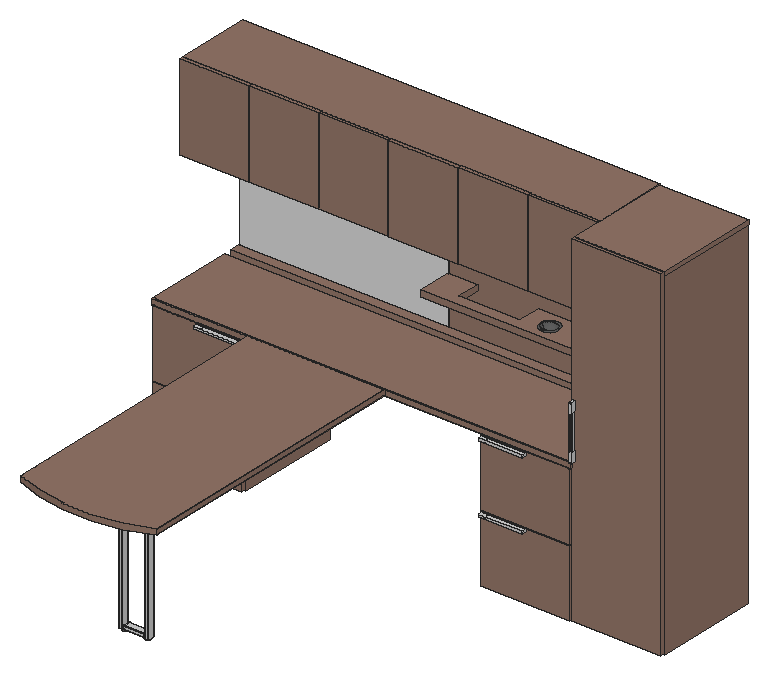
Revit family "FLV004", category Furniture, Revit 2015 (continued)
Definition of nested family "JSI-Flux-Wb_Pm_Ht"
  Lines and regions (in)
    symbolic lines, detail levels medium+fine
      curve 7: line (-18.78288, 10.71875, 0) -> (-18.78288, -10.25, 0)
      curve 8: line (-18.03288, 10.71875, 0) -> (-18.03288, -10.25, 0)
      curve 9: line (-35.28288, 10.71875, 0) -> (-36.03288, 10.71875, 0)
      curve 10: line (-35.28288, -10.25, 0) -> (-36.03288, -10.25, 0)
      curve 11: line (-18.03288, 10.71875, 0) -> (-18.78288, 10.71875, 0)
      curve 12: line (-18.03288, -10.25, 0) -> (-18.78288, -10.25, 0)
      curve 13: line (-18.78288, 10.65625, 0) -> (-35.28288, 10.65625, 0)
      curve 14: line (-18.78288, 9.90625, 0) -> (-35.28288, 9.90625, 0)
    symbolic lines, visible <- "F"
      curve 19: line (-24.09538, -10.3125, 0) -> (-24.09538, -11.0625, 0)
      curve 20: line (-23.97038, -10.3125, 0) -> (-23.97038, -11.0625, 0)
    symbolic lines, visible <- "FD"
      curve 23: line (-24.09538, -10.3125, 0) -> (-23.97038, -10.3125, 0)
      curve 24: line (-24.09538, -11.0625, 0) -> (-23.97038, -11.0625, 0)
    symbolic lines, visible <- "Door Line"
      curve 25: line (-24.09538, -10.3125, 0) -> (-24.09538, -11.0625, 0)
      curve 26: line (-23.97038, -10.3125, 0) -> (-23.97038, -11.0625, 0)
    symbolic lines, visible <- "W"
      curve 27: line (-24.09538, -11.0625, 0) -> (-23.97038, -11.0625, 0)
      curve 28: line (-24.09538, -10.3125, 0) -> (-23.97038, -10.3125, 0)
  Dimensions and locks (in)
    locked: plane 2 "Center (Left/Right)" to plane 5 at 0.03125
    locked: plane 6 to plane 4 at 0.03125
    "Width": plane 2 "Center (Left/Right)" to plane 4
    locked: plane 7 to plane 3 "Center (Front/Back)" at 0.03125
    locked: plane 5 to plane 9 at 0.75
    locked: plane 10 to plane 6 at 0.75
    equal spacing: plane 2 "Center (Left/Right)", plane 11, plane 4
    "Height": plane 12 to plane 1
    locked: plane 12 to plane 16 at 0.75
    locked: plane 13 to plane 1 at 0.3125
    locked: plane 15 to plane 14 at 0.75
    locked: plane 14 to plane 13 at 1.1875
    plane 18 to plane 17 to plane 7 = 0' - 0 3/4" locked, 0' - 0 1/16" locked
    locked: plane 19 to plane 18 at 4
    plane 40 to plane 8 to plane 20 = 0' - 0 1/32", 0' - 0 1/32"
    locked: plane 20 to plane 21 at 4
    locked: plane 9 to plane 22 at 1
    locked: plane 23 to plane 10 at 1
    locked: plane 20 to plane 24 at 1
    locked: plane 25 to plane 18 at 1
    locked: curve 5 to curve 6 at 0.75
    locked: curve 7 to curve 8 at 0.75
    locked: plane 27 to plane 13 at 0.125
    locked: plane 5 to plane 28 at 0.0625
    locked: plane 29 to plane 6 at 0.0625
    plane 30 to plane 11 to plane 31 = 0' - 0 1/16" locked, 0' - 0 1/16" locked
    locked: plane 12 to plane 32 at 0.125
    locked: plane 34 to plane 33 at 0.75
    "Bottom_Shelf_ Dist": plane 34 to plane 15
    equal spacing: plane 33, plane 35, plane 15
    plane 36 to plane 35 to plane 37 = 0' - 0 3/8" locked, 0' - 0 3/8" locked
    locked: plane 38 to plane 39 at 0.75
    locked: plane 26 to plane 40 at 0.75
    "Depth": plane 26 to plane 3 "Center (Front/Back)"
    "C_Shelf_Width": Extrusion 12 sketch curve to Extrusion 12 sketch curve
    "Bottom_Shelf_Width": Extrusion 13 sketch curve to Extrusion 13 sketch curve
    "H_Dist_Bottom_Shelf": Extrusion 13 to plane 9
    "H_Dist_C_Panel": Extrusion 12 to plane 9
    "Top_Shelf_Width": Extrusion 14 sketch curve to Extrusion 14 sketch curve
    locked: Extrusion 14 sketch curve to Extrusion 14 sketch curve at 0.75
    "Top_Shelf_Width": Extrusion 15 sketch curve to Extrusion 15 sketch curve
    locked: Extrusion 15 sketch curve to Extrusion 15 sketch curve at 0.75
    equal spacing: group 1, group 2, group 3  (x2)
    equal spacing: group 3, group 2, group 1
    "H_Dist_Top_Shelf": Extrusion 14 to plane 2 "Center (Left/Right)"
    "Top_Shelf_Dist": plane 12 to Extrusion 14
    "Top_Shelf_Array_Dist": Extrusion 14 to Extrusion 15
    "Top_Shelf_Width": Extrusion 16 sketch curve to Extrusion 16 sketch curve
    locked: Extrusion 16 sketch curve to Extrusion 16 sketch curve at 0.75
    locked: plane 34 to plane 49 at 0.3125
    locked: plane 50 to plane 49 at 0.125
    locked: plane 51 to plane 14 at 0.125
    equal spacing: plane 49, plane 52, plane 51
    plane 53 to plane 52 to plane 54 = 0' - 0 1/16" locked, 0' - 0 1/16" locked
    locked: plane 55 to plane 56 at 0.75
    "Partition Dist": plane 2 "Center (Left/Right)" to plane 55
    locked: plane 57 to plane 58 at 0.125
    "H_Dist_V_Void": plane 2 "Center (Left/Right)" to plane 57
    equal spacing: plane 49, plane 59, plane 53
    plane 60 to plane 59 to plane 61 = 0' - 0 1/16" locked, 0' - 0 1/16" locked
    "H_Void_Width": plane 62 to plane 63
    "H_Void_H_Dist": plane 2 "Center (Left/Right)" to plane 62
    "V_Void_Dist": plane 41 to plane 40
    "H_Void_Top_Dist": plane 43 to plane 40
    "H_Void_C_Dist": plane 45 to plane 40
    "H_Void_Bottom_Dist": plane 47 to plane 40
    locked: plane 42 to plane 41 at 1
    locked: plane 44 to plane 43 at 1
    locked: plane 46 to plane 45 at 1
    locked: plane 48 to plane 47 at 1
    locked: plane 65 to plane 64 at 1
    "H_Void_Upper_Dist": plane 64 to plane 40
    equal spacing: plane 26, plane 67, plane 3 "Center (Front/Back)"
    locked: plane 12 to plane 68 at 3.625
    "Hanger_Dist": plane 2 "Center (Left/Right)" to plane 66
    locked: plane 49 to plane 72 at 0.20313
    locked: plane 61 to plane 73 at 0.20312
    locked: plane 54 to plane 74 at 0.20312
    "Top_Pull_Dist": plane 2 "Center (Left/Right)" to plane 69
    "C_Pull_Dist": plane 2 "Center (Left/Right)" to plane 70
    "Bottom_Pull_Dist": plane 2 "Center (Left/Right)" to plane 71
    plane 12 to plane 13 = 6' - 8 29/32"
    equal spacing: plane 12, plane 77, plane 13
    "L_Vertical_Pull_Dist": plane 2 "Center (Left/Right)" to plane 75
    "R_Vertical_Pull_Dist": plane 2 "Center (Left/Right)" to plane 76
    "Top_2_Pull_Dist": plane 2 "Center (Left/Right)" to plane 78
    locked: plane 80 to plane 79 at 1
    "Top_V_Void_Dist": plane 79 to plane 43
    radius of Extrusion 8 sketch curve = 0' - 0 1/2"
    radius of Extrusion 9 sketch curve = 0' - 0 1/2"
    radius of Extrusion 10 sketch curve = 0' - 0 1/2"
    radius of Extrusion 11 sketch curve = 0' - 0 1/2"
    aligned and locked: level to plane 1
    aligned and locked: Extrusion 1 sketch curve to plane 5
    aligned and locked: Extrusion 1 sketch curve to plane 9
    aligned and locked: Extrusion 1 sketch curve to plane 7
    aligned and locked: Extrusion 2 sketch curve to plane 7
    aligned and locked: Extrusion 2 sketch curve to plane 6
    aligned and locked: Extrusion 2 sketch curve to plane 10
    aligned and locked: Extrusion 3 sketch curve to plane 17
    aligned and locked: Extrusion 3 sketch curve to plane 18
    aligned and locked: Extrusion 3 sketch curve to plane 9
    aligned and locked: Extrusion 3 sketch curve to plane 10
    aligned and locked: plane 16 to Extrusion 3
    aligned and locked: plane 3 "Center (Front/Back)" to Extrusion 4 sketch curve
    aligned and locked: plane 12 to Extrusion 4 sketch curve
    aligned and locked: plane 16 to Extrusion 4 sketch curve
    aligned and locked: plane 8 to Extrusion 4 sketch curve
    aligned and locked: Extrusion 4 to plane 2 "Center (Left/Right)"
    aligned and locked: plane 4 to Extrusion 4
    aligned and locked: plane 18 to Extrusion 5 sketch curve
    aligned and locked: plane 19 to Extrusion 5 sketch curve
    aligned and locked: plane 13 to Extrusion 5 sketch curve
    aligned and locked: plane 14 to Extrusion 5 sketch curve
    aligned and locked: Extrusion 3 to plane 13
    aligned and locked: plane 21 to Extrusion 6 sketch curve
    aligned and locked: plane 20 to Extrusion 6 sketch curve
    aligned and locked: plane 13 to Extrusion 6 sketch curve
    aligned and locked: plane 14 to Extrusion 6 sketch curve
    aligned and locked: Extrusion 5 to plane 9
    aligned and locked: Extrusion 6 to plane 9
    aligned and locked: plane 10 to Extrusion 6
    aligned and locked: plane 10 to Extrusion 5
    aligned and locked: plane 14 to Extrusion 7 sketch curve
    aligned and locked: plane 15 to Extrusion 7 sketch curve
    aligned and locked: plane 18 to Extrusion 7 sketch curve
    aligned and locked: plane 20 to Extrusion 7 sketch curve
    aligned and locked: Extrusion 7 to plane 9
    aligned and locked: plane 10 to Extrusion 7
    aligned and locked: Extrusion 10 to plane 1
    aligned and locked: Extrusion 8 to plane 1
    aligned and locked: plane 13 to Extrusion 8
    aligned and locked: plane 13 to Extrusion 10
    aligned and locked: Extrusion 11 to plane 1
    aligned and locked: Extrusion 9 to plane 1
    aligned and locked: plane 13 to Extrusion 9
    aligned and locked: plane 13 to Extrusion 11
    aligned and locked: plane 11 to nested 1
    aligned and locked: curve 1 to plane 2 "Center (Left/Right)"
    aligned and locked: curve 2 to plane 3 "Center (Front/Back)"
    aligned and locked: curve 4 to plane 4
    aligned and locked: curve 9 to plane 7
    aligned and locked: curve 11 to plane 7
    aligned and locked: curve 5 to plane 5
    aligned and locked: curve 7 to plane 10
    aligned and locked: plane 9 to curve 14
    aligned and locked: plane 10 to curve 13
    aligned and locked: plane 10 to curve 14
    aligned and locked: plane 26 to nested 1
    aligned and locked: plane 8 to Extrusion 4
    aligned and locked: plane 20 to Extrusion 1
    aligned and locked: curve 10 to plane 20
    aligned and locked: curve 12 to plane 20
    aligned and locked: plane 20 to Extrusion 2
    aligned and locked: Extrusion 12 sketch curve to plane 33
    aligned and locked: Extrusion 12 sketch curve to plane 34
    aligned and locked: Extrusion 12 to plane 18
    aligned and locked: plane 20 to Extrusion 12
    aligned and locked: Extrusion 13 sketch curve to plane 37
    aligned and locked: Extrusion 13 sketch curve to plane 36
    aligned and locked: Extrusion 14 to plane 18
    aligned and locked: plane 24 to Extrusion 14
    aligned and locked: Extrusion 14 to Extrusion 15
    aligned and locked: Extrusion 17 sketch curve to plane 28
    aligned and locked: Extrusion 17 sketch curve to plane 40
    aligned and locked: Extrusion 17 sketch curve to plane 26
    aligned and locked: Extrusion 17 sketch curve to plane 29
    aligned and locked: Extrusion 17 to plane 27
    aligned and locked: plane 32 to Extrusion 17
    aligned and locked: Extrusion 18 sketch curve to plane 55
    aligned and locked: Extrusion 18 sketch curve to plane 56
    aligned and locked: Extrusion 18 sketch curve to plane 18
    aligned and locked: Extrusion 18 sketch curve to plane 20
    aligned and locked: Extrusion 18 to plane 15
    aligned and locked: plane 16 to Extrusion 18
    aligned and locked: Extrusion 13 to plane 18
    aligned and locked: plane 20 to Extrusion 13
    aligned and locked: Extrusion 19 sketch curve to plane 57
    aligned and locked: Extrusion 19 sketch curve to plane 58
    aligned and locked: Extrusion 19 sketch curve to plane 41
    aligned and locked: Extrusion 19 sketch curve to plane 42
    aligned and locked: Extrusion 19 to plane 13
    aligned and locked: plane 12 to Extrusion 19
    aligned and locked: Extrusion 20 sketch curve to plane 49
    aligned and locked: Extrusion 20 sketch curve to plane 50
    aligned and locked: Extrusion 20 sketch curve to plane 62
    aligned and locked: Extrusion 20 sketch curve to plane 63
    aligned and locked: plane 44 to Extrusion 20
    aligned and locked: Extrusion 20 to plane 43
    aligned and locked: Extrusion 21 sketch curve to plane 60
    aligned and locked: Extrusion 21 sketch curve to plane 61
    aligned and locked: Extrusion 21 sketch curve to plane 62
    aligned and locked: Extrusion 21 sketch curve to plane 63
    aligned and locked: plane 46 to Extrusion 21
    aligned and locked: Extrusion 21 to plane 45
    aligned and locked: Extrusion 22 sketch curve to plane 53
    aligned and locked: Extrusion 22 sketch curve to plane 54
    aligned and locked: Extrusion 22 sketch curve to plane 62
    aligned and locked: Extrusion 22 sketch curve to plane 63
    aligned and locked: plane 48 to Extrusion 22
    aligned and locked: Extrusion 22 to plane 47
    aligned and locked: Extrusion 23 sketch curve to plane 12
    aligned and locked: Extrusion 23 sketch curve to plane 62
    aligned and locked: Extrusion 23 sketch curve to plane 63
    aligned and locked: Extrusion 23 sketch curve to plane 50
    aligned and locked: plane 65 to Extrusion 23
    aligned and locked: Extrusion 23 to plane 64
    aligned and locked: plane 66 to nested 2
    aligned and locked: plane 68 to nested 2
    aligned and locked: plane 67 to nested 2
    aligned and locked: nested 3 to plane 69
    aligned and locked: nested 4 to plane 70
    aligned and locked: nested 5 to plane 71
    aligned and locked: plane 72 to nested 3
    aligned and locked: plane 73 to nested 4
    aligned and locked: plane 74 to nested 5
    aligned and locked: plane 77 to nested 6
    aligned and locked: plane 75 to nested 6
    aligned and locked: plane 77 to nested 7
    aligned and locked: plane 76 to nested 7
    aligned and locked: plane 26 to nested 3
    aligned and locked: nested 4 to plane 26
    aligned and locked: plane 26 to nested 5
    aligned and locked: plane 26 to nested 6
    aligned and locked: plane 26 to nested 7
    aligned and locked: plane 16 to Extrusion 1
    aligned and locked: plane 16 to Extrusion 2
    aligned and locked: curve 15 to plane 28
    aligned and locked: curve 16 to plane 40
    aligned and locked: curve 17 to plane 26
    aligned and locked: curve 18 to plane 29
    aligned and locked: plane 58 to curve 24
    aligned and locked: plane 40 to curve 23
    aligned and locked: plane 26 to curve 24
    aligned and locked: plane 72 to nested 8
    aligned and locked: nested 8 to plane 78
    aligned and locked: Extrusion 24 sketch curve to plane 57
    aligned and locked: Extrusion 24 sketch curve to plane 58
    aligned and locked: Extrusion 24 sketch curve to plane 79
    aligned and locked: Extrusion 24 sketch curve to plane 80
    aligned and locked: plane 12 to Extrusion 24
    aligned and locked: Extrusion 24 to plane 49
    aligned and locked: curve 25 to plane 57
    aligned and locked: curve 26 to plane 58
    aligned and locked: plane 40 to curve 26
    aligned and locked: plane 26 to curve 26
    aligned and locked: plane 26 to curve 27
    aligned and locked: plane 40 to curve 28
  Automatic sketch dimensions
    Extrusion 8 sketch curve to plane 22 = 0' - 0"
    plane 25 to Extrusion 8 sketch curve = 0' - 0"
    Extrusion 9 sketch curve to plane 23 = 0' - 0"
    plane 25 to Extrusion 9 sketch curve = 0' - 0"
    Extrusion 10 sketch curve to plane 22 = 0' - 0"
    plane 24 to Extrusion 10 sketch curve = 0' - 0"
    Extrusion 11 sketch curve to plane 23 = 0' - 0"
    plane 24 to Extrusion 11 sketch curve = 0' - 0"
    plane 20 to Extrusion 1 sketch curve = 0' - 0"
    plane 20 to Extrusion 2 sketch curve = 0' - 0"
    plane 8 to curve 4 = 0' - 0"
    plane 18 to curve 14 = 0' - 0"
    plane 17 to curve 13 = 0' - 0"
    Extrusion 12 sketch curve to plane 9 = 0' - 0"
    Extrusion 13 sketch curve to plane 56 = 0' - 0"
  Nested families (in)
    nested 1: "Label 1-16" at (-27.03288, -11.0625, 0), type "DRWCFG"
    nested 2: "Hanger" at (-28.02501, -0.15625, 77.59375), Hngr L <- "Hngr_L", Hngr R <- "Hngr_R", Hanger Finish <- "Pull Finish", type "HNGR"
      with Hngr R no, Hngr L yes, Hanger Finish none
    nested 3: "Bar Pull CL" at (-32.97814, -11.0625, 26.73438), visible <- "Top_Pull", Pull Line <- "Top_Pull", Pull Finish <- "Pull Finish", type "PL"
      with Pull Line yes, Pull Finish none, Stud 0' - 1.54911", Pull Width 0' - 10 27/32"
    nested 4: "Bar Pull CL" at (-32.97814, -11.0625, 20.375), visible <- "C_Pull", Pull Line <- "C_Pull", Pull Finish <- "Pull Finish", type "PL"
      with Pull Line yes, Pull Finish none, Stud 0' - 1.54911", Pull Width 0' - 10 27/32"
    nested 5: "Bar Pull CL" at (-32.97814, -11.0625, 14.01563), visible <- "Bottom Pull", Pull Line <- "Bottom Pull", Pull Finish <- "Pull Finish", type "PL"
      with Pull Line yes, Pull Finish none, Stud 0' - 1.54911", Pull Width 0' - 10 27/32"
    nested 6: "Bar Pull V" at (-27.55626, -11.0625, 40.76563), Pull R <- "V_Pull_L_R", Pull L <- "V_Pull_L_L", Pull Finish <- "Pull Finish", type "PL"
      with Pull R no, Pull L no, Pull Finish none, Tuks Width 0' - 2.47396", Pull Width 1' - 2 27/32"
    nested 7: "Bar Pull V" at (-26.99376, -11.0625, 40.76563), Pull R <- "V_Pull_R_R", Pull L <- "V_Pull_R_L", Pull Finish <- "Pull Finish", type "PL"
      with Pull R no, Pull L yes, Pull Finish none, Tuks Width 0' - 2.47396", Pull Width 1' - 2 27/32"
    nested 8: "Bar Pull CL" at (-13.82189, -11.0625, 26.73438), Pull Finish <- "Pull Finish", visible <- "Top_2_Pull", Pull Line <- "Top_2_Pull", type "PL"
      with Pull Line no, Pull Finish none, Stud 0' - 1.54911", Pull Width 0' - 10 27/32"
  Definition of nested family "Hanger"
    Parameters
      Hngr L [instance] = yes
      Hngr R [instance] = yes
      Hanger Finish [instance] = none
    Reference planes (in)
      plane 1 "Center Front/Back": y = 0
      plane 2: z = 0
      plane 3 "Center Left/Right": x = 3.24213
    Forms (in)
      Extrusion 1, solid, material <- "Hanger Finish", visible <- "Hngr R"
        sketch origin (0, 0, -65.69959) x (1, 0, 0) y (0, 0, 1)
          loop
            line (3.24213, 65.32459) -> (3.24213, 63.58858)
            arc (3.24213, 63.58858) -> (3.7521, 62.87944) -> (4.58667, 63.13722) r 0.74803
            line (4.58667, 63.13722) -> (4.85512, 63.492) -> (4.73078, 63.58608) -> (4.45513, 63.2218)
            arc (4.45513, 63.2218) -> (3.83, 63.04103) -> (3.47835, 63.58858) r 0.54433
            line (3.47835, 63.58858) -> (3.55698, 64.7131)
            arc (3.55698, 64.7131) -> (3.65039, 65.09816) -> (3.86566, 65.43082) r 1.18359
            line (3.86566, 65.43082) -> (3.6823, 65.63583) -> (3.37377, 65.35987)
            arc (3.37377, 65.35987) -> (3.31215, 65.32654) -> (3.24213, 65.32459) r 0.15109
        from -0.46747 to 0.46747
      Extrusion 2, void
        sketch origin (3.24213, 0, -65.69959) x (0, 1, 0) y (0, 0, 1)
          loop
            line (0.46747, 65.91904) -> (0.30479, 62.81504) -> (0.46747, 62.81504) -> (0.46747, 65.91904)
          loop
            line (-0.46747, 65.91904) -> (-0.46747, 62.81504) -> (-0.30479, 62.81504) -> (-0.46747, 65.91904)
        from -1.75548 to 1.75581
      Extrusion 3, solid, material <- "Hanger Finish", visible <- "Hngr L"
        sketch origin (6.48425, 0, -65.69959) x (-1, 0, 0) y (0, 0, -1)
          loop
            arc (3.24213, -65.32459) -> (3.31215, -65.32654) -> (3.37377, -65.35987) r 0.15109
            line (3.37377, -65.35987) -> (3.6823, -65.63583) -> (3.86566, -65.43082)
            arc (3.86566, -65.43082) -> (3.65039, -65.09816) -> (3.55698, -64.7131) r 1.18359
            line (3.55698, -64.7131) -> (3.47835, -63.58858)
            arc (3.47835, -63.58858) -> (3.83, -63.04103) -> (4.45513, -63.2218) r 0.54433
            line (4.45513, -63.2218) -> (4.73078, -63.58608) -> (4.85512, -63.492) -> (4.58667, -63.13722)
            arc (4.58667, -63.13722) -> (3.7521, -62.87944) -> (3.24213, -63.58858) r 0.74803
            line (3.24213, -63.58858) -> (3.24213, -65.32459)
        from -0.46747 to 0.46747
    Cuts and joins
      Extrusion 2 cuts Extrusion 3
      Extrusion 2 cuts Extrusion 1
    Dimensions and locks (in)
      aligned and locked: level to plane 2
  Definition of nested family "Bar Pull CL"
    Parameters
      Stud = Pull Width / 7  # 0' - 2.12054"
      Pull Width = 1' - 2 27/32"
      Pull Line [instance] = yes
      Pull Finish [instance] = none
    Reference planes (in)
      plane 1 "Center Front/Back": y = 0
      plane 2: z = 0
      plane 3 "Center Left/Right": x = 3.24213
    Forms (in)
      Extrusion 1, solid, material <- "Pull Finish"
        sketch origin (0, 0, 0) x (1, 0, 0) y (0, 1, 0)
          loop
            line (-4.17975, 0) -> (-4.17975, -0.85113)
            arc (-4.17975, -0.85113) -> (-4.15229, -0.91742) -> (-4.086, -0.94488) r 0.09375
            line (-4.086, -0.94488) -> (10.58526, -0.94488)
            arc (10.58526, -0.94488) -> (10.64094, -0.92182) -> (10.664, -0.86614) r 0.07874
            line (10.664, -0.86614) -> (10.664, 0) -> (8.54347, 0) -> (8.54347, -0.70177)
            arc (8.54347, -0.70177) -> (8.50685, -0.79016) -> (8.41847, -0.82677) r 0.125
            line (8.41847, -0.82677) -> (-1.93421, -0.82677)
            arc (-1.93421, -0.82677) -> (-2.0226, -0.79016) -> (-2.05921, -0.70177) r 0.125
            line (-2.05921, -0.70177) -> (-2.05921, 0) -> (-4.17975, 0)
        from -0.43307 to -0.11811
      Extrusion 2, solid, material <- "Pull Finish"
        sketch origin (0, 0, 0) x (1, 0, 0) y (0, 1, 0)
          loop
            line (-4.17975, 0) -> (-4.17975, -0.85113)
            arc (-4.17975, -0.85113) -> (-4.15229, -0.91742) -> (-4.086, -0.94488) r 0.09375
            line (-4.086, -0.94488) -> (10.58526, -0.94488)
            arc (10.58526, -0.94488) -> (10.64094, -0.92182) -> (10.664, -0.86614) r 0.07874
            line (10.664, -0.86614) -> (10.664, 0) -> (-4.17975, 0)
        from 0 to -0.11811
    Cuts and joins
      joined: Extrusion 1, Extrusion 2
    Lines and regions (in)
      symbolic lines, visible <- "Pull Line"
        curve 1: line (-4.17975, 0, 0) -> (-4.17975, -0.85113, 0)
        curve 2: line (10.664, -0.86614, 0) -> (10.664, 0, 0)
        curve 3: line (-4.086, -0.94488, 0) -> (10.58526, -0.94488, 0)
        curve 4: arc (-4.17975, -0.85113, 0) -> (-4.15229, -0.91742, 0) -> (-4.086, -0.94488, 0) r 0.09375
        curve 5: arc (10.58526, -0.94488, 0) -> (10.64094, -0.92182, 0) -> (10.664, -0.86614, 0) r 0.07874
    Dimensions and locks (in)
      equal spacing: Extrusion 1 sketch curve, plane 3 "Center Left/Right", Extrusion 1 sketch curve
      "Stud": Extrusion 1 sketch curve to Extrusion 1 sketch curve  (x2)
      "Pull Width": Extrusion 1 sketch curve to Extrusion 1 sketch curve
      aligned and locked: level to plane 2
      aligned and locked: Extrusion 2 sketch curve to Extrusion 1  (x2)
      aligned and locked: cut or joined group of Extrusion 1, Extrusion 2 to curve 1
      aligned and locked: curve 4 to cut or joined group of Extrusion 1, Extrusion 2
      aligned and locked: curve 5 to cut or joined group of Extrusion 1, Extrusion 2
      aligned and locked: plane 1 "Center Front/Back" to curve 1
      aligned and locked: plane 1 "Center Front/Back" to curve 2
    Automatic sketch dimensions
      plane 1 "Center Front/Back" to Extrusion 2 sketch curve = 0' - 0"
      plane 1 "Center Front/Back" to Extrusion 1 sketch curve = 0' - 0"  (x2)
      Extrusion 1 sketch curve to Extrusion 1 sketch curve = 0' - 0 3/32"
      Extrusion 1 sketch curve to Extrusion 1 sketch curve = 0' - 0 1/8"  (x2)
      Extrusion 1 sketch curve to Extrusion 1 sketch curve = 0' - 0.07874"
      plane 1 "Center Front/Back" to Extrusion 1 sketch curve = 0' - 0.70177"
      Extrusion 1 sketch curve to Extrusion 1 sketch curve = 0' - 0.85113"
  Definition of nested family "Bar Pull V"
    Parameters
      Tuks Width = Pull Width / 6  # 0' - 2.47917"
      Pull Width = 1' - 2 7/8"
      Pull R [instance] = yes
      Pull L [instance] = yes
      Pull Finish [instance] = none
    Reference planes (in)
      plane 1 "Center Front/Back": y = 0
      plane 2: z = 0
      plane 3 "Center Left/Right": x = 3.24213
      plane 4: z = 7.4375
      plane 5: z = -7.4375
      plane 6: z = 4.95833
      plane 7: z = -4.95833
    Forms (in)
      Extrusion 1, solid, material <- "Pull Finish", visible <- "Pull R"
        sketch origin (3.24213, 0, 3.24963) x (0, 0, -1) y (0, 1, 0)
          loop
            line (-4.18787, 0) -> (-4.18787, -0.85113)
            arc (-4.18787, -0.85113) -> (-4.16041, -0.91742) -> (-4.09412, -0.94488) r 0.09375
            line (-4.09412, -0.94488) -> (10.60839, -0.94488)
            arc (10.60839, -0.94488) -> (10.66407, -0.92182) -> (10.68713, -0.86614) r 0.07874
            line (10.68713, -0.86614) -> (10.68713, 0) -> (8.20796, 0) -> (8.20796, -0.70177)
            arc (8.20796, -0.70177) -> (8.17135, -0.79016) -> (8.08296, -0.82677) r 0.125
            line (8.08296, -0.82677) -> (-1.5837, -0.82677)
            arc (-1.5837, -0.82677) -> (-1.67209, -0.79016) -> (-1.7087, -0.70177) r 0.125
            line (-1.7087, -0.70177) -> (-1.7087, 0) -> (-4.18787, 0)
        from -0.43307 to -0.11811
      Extrusion 2, solid, material <- "Pull Finish", visible <- "Pull R"
        sketch origin (3.24213, 0, 3.24963) x (0, 0, -1) y (0, 1, 0)
          loop
            line (-4.18787, 0) -> (-4.18787, -0.85113)
            arc (-4.18787, -0.85113) -> (-4.16041, -0.91742) -> (-4.09412, -0.94488) r 0.09375
            line (-4.09412, -0.94488) -> (10.60839, -0.94488)
            arc (10.60839, -0.94488) -> (10.66407, -0.92182) -> (10.68713, -0.86614) r 0.07874
            line (10.68713, -0.86614) -> (10.68713, 0) -> (-4.18787, 0)
        from 0 to -0.11811
      Extrusion 3, solid, material <- "Pull Finish", visible <- "Pull L"
        sketch origin (3.24213, 0, 3.24963) x (0, 0, -1) y (0, -1, 0)
          loop
            line (-4.18787, 0) -> (-1.7087, 0) -> (-1.7087, 0.70177)
            arc (-1.7087, 0.70177) -> (-1.67209, 0.79016) -> (-1.5837, 0.82677) r 0.125
            line (-1.5837, 0.82677) -> (8.08296, 0.82677)
            arc (8.08296, 0.82677) -> (8.17135, 0.79016) -> (8.20796, 0.70177) r 0.125
            line (8.20796, 0.70177) -> (8.20796, 0) -> (10.68713, 0) -> (10.68713, 0.86614)
            arc (10.68713, 0.86614) -> (10.66407, 0.92182) -> (10.60839, 0.94488) r 0.07874
            line (10.60839, 0.94488) -> (-4.09412, 0.94488)
            arc (-4.09412, 0.94488) -> (-4.16041, 0.91742) -> (-4.18787, 0.85113) r 0.09375
            line (-4.18787, 0.85113) -> (-4.18787, 0)
        from -0.43307 to -0.11811
      Extrusion 4, solid, material <- "Pull Finish", visible <- "Pull L"
        sketch origin (3.24213, 0, 3.24963) x (0, 0, -1) y (0, -1, 0)
          loop
            line (-4.18787, 0) -> (10.68713, 0) -> (10.68713, 0.86614)
            arc (10.68713, 0.86614) -> (10.66407, 0.92182) -> (10.60839, 0.94488) r 0.07874
            line (10.60839, 0.94488) -> (-4.09412, 0.94488)
            arc (-4.09412, 0.94488) -> (-4.16041, 0.91742) -> (-4.18787, 0.85113) r 0.09375
            line (-4.18787, 0.85113) -> (-4.18787, 0)
        from 0 to -0.11811
    Cuts and joins
      joined: Extrusion 1, Extrusion 2
      joined: Extrusion 3, Extrusion 4
    Dimensions and locks (in)
      "Pull Width": plane 4 to plane 5
      "Tuks Width": plane 4 to plane 6
      "Tuks Width": plane 7 to plane 5
      equal spacing: plane 4, plane 2, plane 5
      aligned and locked: level to plane 2
      aligned and locked: Extrusion 2 sketch curve to Extrusion 1  (x2)
      aligned and locked: Extrusion 4 sketch curve to Extrusion 3  (x2)
      aligned and locked: plane 4 to cut or joined group of Extrusion 1, Extrusion 2  (x3)
      aligned and locked: plane 4 to cut or joined group of Extrusion 3, Extrusion 4
      aligned and locked: cut or joined group of Extrusion 1, Extrusion 2 to plane 6
      aligned and locked: cut or joined group of Extrusion 3, Extrusion 4 to plane 6
      aligned and locked: plane 7 to cut or joined group of Extrusion 1, Extrusion 2
      aligned and locked: cut or joined group of Extrusion 1, Extrusion 2 to plane 5
      aligned and locked: cut or joined group of Extrusion 3, Extrusion 4 to plane 5
    Automatic sketch dimensions
      Extrusion 1 sketch curve to plane 4 = 0' - 0"
      Extrusion 1 sketch curve to plane 6 = 0' - 0"
      Extrusion 1 sketch curve to plane 1 "Center Front/Back" = 0' - 0"  (x2)
      Extrusion 1 sketch curve to plane 7 = 0' - 0"
      Extrusion 1 sketch curve to plane 5 = 0' - 0"
      Extrusion 1 sketch curve to Extrusion 1 sketch curve = 0' - 0 3/32"
      Extrusion 1 sketch curve to plane 6 = 0' - 0 1/8"
      plane 7 to Extrusion 1 sketch curve = 0' - 0 1/8"
      plane 5 to Extrusion 1 sketch curve = 0' - 0.07874"
      plane 1 "Center Front/Back" to Extrusion 1 sketch curve = 0' - 0.70177"
      Extrusion 1 sketch curve to Extrusion 1 sketch curve = 0' - 0.85113"
      Extrusion 2 sketch curve to plane 4 = 0' - 0"
      Extrusion 2 sketch curve to plane 5 = 0' - 0"
      Extrusion 2 sketch curve to Extrusion 2 sketch curve = 0' - 0 3/32"
      Extrusion 2 sketch curve to Extrusion 2 sketch curve = 0' - 0.07874"
      Extrusion 3 sketch curve to plane 4 = 0' - 0"
      Extrusion 3 sketch curve to plane 6 = 0' - 0"
      Extrusion 3 sketch curve to plane 1 "Center Front/Back" = 0' - 0"  (x2)
      Extrusion 3 sketch curve to plane 7 = 0' - 0"
      Extrusion 3 sketch curve to plane 5 = 0' - 0"
      Extrusion 3 sketch curve to plane 4 = 0' - 0 3/32"
      Extrusion 3 sketch curve to plane 6 = 0' - 0 1/8"
      plane 7 to Extrusion 3 sketch curve = 0' - 0 1/8"
      plane 5 to Extrusion 3 sketch curve = 0' - 0.07874"
      plane 1 "Center Front/Back" to Extrusion 3 sketch curve = 0' - 0.70177"
      Extrusion 3 sketch curve to Extrusion 3 sketch curve = 0' - 0.85113"
      Extrusion 4 sketch curve to plane 4 = 0' - 0"
      Extrusion 4 sketch curve to plane 5 = 0' - 0"
      Extrusion 4 sketch curve to plane 4 = 0' - 0 3/32"
      Extrusion 4 sketch curve to Extrusion 4 sketch curve = 0' - 0.07874"
  Definition of nested family "Label 1-16"
    Parameters
      Model Name = "BF - BF - BF"
    Reference planes (in)
      plane 1: y = 0
      plane 2: x = 0
    Text (in)
      label "XX" at (0.00051, -0.12324, 0), shows "Model Name"
